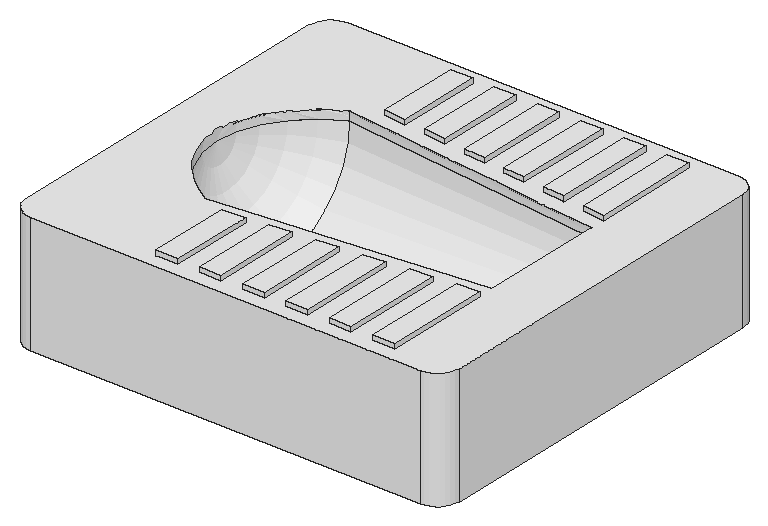
Revit family
Reference planes (in)
  plane 1 "Center (Front/Back)": y = 0
  plane 2: z = 0
  plane 3 "Center (Left/Right)": x = 0
Forms (in)
  Extrusion 1, solid, material "Default"
    sketch origin (0, 0, 0) x (1, 0, 0) y (0, 1, 0)
      loop
        line (16.74572, 10.82677) -> (-4.51412, 10.82677)
        arc (-4.51412, 10.82677) -> (-5.34929, 10.48083) -> (-5.69523, 9.64567) r 1.1811
        line (-5.69523, 9.64567) -> (-5.69523, -9.64567)
        arc (-5.69523, -9.64567) -> (-5.34929, -10.48083) -> (-4.51412, -10.82677) r 1.1811
        line (-4.51412, -10.82677) -> (16.74572, -10.82677)
        arc (16.74572, -10.82677) -> (17.58088, -10.48083) -> (17.92682, -9.64567) r 1.1811
        line (17.92682, -9.64567) -> (17.92682, 9.64567)
        arc (17.92682, 9.64567) -> (17.58088, 10.48083) -> (16.74572, 10.82677) r 1.1811
    from -6 to 0.5
  Extrusion 2, solid, material "Default"
    sketch origin (0, 0, 0) x (1, 0, 0) y (0, 1, 0)
      loop
        line (1.70758, 5.56294) -> (2.88868, 5.44105) -> (2.88868, 10.03937) -> (1.70758, 10.03937) -> (1.70758, 5.56294)
    from 0.75 to 0.5
  Extrusion 3, solid, material "Default"
    sketch origin (2.3622, 0, 0) x (1, 0, 0) y (0, 1, 0)
      loop
        line (1.70758, 5.31915) -> (2.88868, 5.19725) -> (2.88868, 10.03937) -> (1.70758, 10.03937) -> (1.70758, 5.31915)
    from 0.75 to 0.5
  Extrusion 4, solid, material "Default"
    sketch origin (4.72441, 0, 0) x (1, 0, 0) y (0, 1, 0)
      loop
        line (1.70758, 5.07536) -> (2.88868, 4.95346) -> (2.88868, 10.03937) -> (1.70758, 10.03937) -> (1.70758, 5.07536)
    from 0.75 to 0.5
  Extrusion 5, solid, material "Default"
    sketch origin (7.08661, 0, 0) x (1, 0, 0) y (0, 1, 0)
      loop
        line (1.70758, 4.83156) -> (2.88868, 4.70967) -> (2.88868, 10.03937) -> (1.70758, 10.03937) -> (1.70758, 4.83156)
    from 0.75 to 0.5
  Extrusion 6, solid, material "Default"
    sketch origin (9.44882, 0, 0) x (1, 0, 0) y (0, 1, 0)
      loop
        line (1.70758, 4.58777) -> (2.88868, 4.46587) -> (2.88868, 10.03937) -> (1.70758, 10.03937) -> (1.70758, 4.58777)
    from 0.75 to 0.5
  Extrusion 7, solid, material "Default"
    sketch origin (11.81102, 0, 0) x (1, 0, 0) y (0, 1, 0)
      loop
        line (1.70758, 4.34398) -> (2.88868, 4.22208) -> (2.88868, 10.03937) -> (1.70758, 10.03937) -> (1.70758, 4.34398)
    from 0.75 to 0.5
  Extrusion 8, solid, material "Default"
    sketch origin (0, 0, 0) x (1, 0, 0) y (0, 1, 0)
      loop
        line (1.70758, -5.56294) -> (1.70758, -10.03937) -> (2.88868, -10.03937) -> (2.88868, -5.44105) -> (1.70758, -5.56294)
    from 0.75 to 0.5
  Extrusion 9, solid, material "Default"
    sketch origin (2.3622, 0, 0) x (1, 0, 0) y (0, 1, 0)
      loop
        line (1.70758, -5.31915) -> (1.70758, -10.03937) -> (2.88868, -10.03937) -> (2.88868, -5.19725) -> (1.70758, -5.31915)
    from 0.75 to 0.5
  Extrusion 10, solid, material "Default"
    sketch origin (4.72441, 0, 0) x (1, 0, 0) y (0, 1, 0)
      loop
        line (1.70758, -5.07536) -> (1.70758, -10.03937) -> (2.88868, -10.03937) -> (2.88868, -4.95346) -> (1.70758, -5.07536)
    from 0.75 to 0.5
  Extrusion 11, solid, material "Default"
    sketch origin (7.08661, 0, 0) x (1, 0, 0) y (0, 1, 0)
      loop
        line (1.70758, -4.83156) -> (1.70758, -10.03937) -> (2.88868, -10.03937) -> (2.88868, -4.70967) -> (1.70758, -4.83156)
    from 0.75 to 0.5
  Extrusion 12, solid, material "Default"
    sketch origin (9.44882, 0, 0) x (1, 0, 0) y (0, 1, 0)
      loop
        line (1.70758, -4.58777) -> (1.70758, -10.03937) -> (2.88868, -10.03937) -> (2.88868, -4.46587) -> (1.70758, -4.58777)
    from 0.75 to 0.5
  Extrusion 13, solid, material "Default"
    sketch origin (11.81102, 0, 0) x (1, 0, 0) y (0, 1, 0)
      loop
        line (1.70758, -4.34398) -> (1.70758, -10.03937) -> (2.88868, -10.03937) -> (2.88868, -4.22208) -> (1.70758, -4.34398)
    from 0.75 to 0.5
  Revolve 14, void
    sketch origin (0, 0, 0) x (1, 0, 0) y (0, 1, 0)
      loop
        line (14.69971, 0) -> (14.69971, 3.4305) -> (0.25513, 4.92126)
        spline (0.25513, 4.92126) -> (-0.23497, 4.637) -> (-0.69432, 4.32152) -> (-1.11982, 3.97692) -> (-1.50861, 3.60554) -> (-1.85807, 3.20988) -> (-2.16584, 2.79259) -> (-2.42986, 2.3565) -> (-2.64834, 1.90453) -> (-2.81982, 1.43974) -> (-2.94314, 0.96525) -> (-3.01746, 0.48425) -> (-3.04229, 0)
        line (-3.04229, 0) -> (14.69971, 0)
      axis (14.69971, 0) -> (-3.04229, 0)
    angle from 0 to 360
  Extrusion 15, solid, material "Default"
    sketch origin (0, 0, 0) x (1, 0, 0) y (0, 1, 0)
      loop
        circle (0, 0) r 1.9685
    from -4.50849 to -6
  Extrusion 16, void
    sketch origin (0, 0, 0) x (1, 0, 0) y (0, 1, 0)
      loop
        circle (0, 0) r 1.7185
    from -4.50849 to -6
Cuts and joins
  Revolve 14, Extrusion 16 cuts Extrusion 1
  Extrusion 16 cuts Extrusion 15
Lines and regions (in)
  Opening 1
    outline origin (60, 60, 0) x (0, 1, 0) y (-1, 0, 0)
      loop
        spline (-54.85286, 59.74487) -> (-55.42812, 60.66349) -> (-56.13176, 61.48775) -> (-56.95911, 62.18608) -> (-57.89862, 62.72452) -> (-58.92706, 63.06631) -> (-59.99312, 63.18472) -> (-61.06834, 63.06718) -> (-62.10066, 62.72483) -> (-63.04036, 62.18661) -> (-63.86785, 61.48806) -> (-64.57147, 60.66376) -> (-65.14714, 59.74487)
        line (-65.14714, 59.74487) -> (-63.61922, 45.05029) -> (-56.38078, 45.05029) -> (-54.85286, 59.74487)
Dimensions and locks (in)
  equal spacing: host sketch curve, plane 1 "Center (Front/Back)", host sketch curve
  equal spacing: host sketch curve, plane 3 "Center (Left/Right)", host sketch curve
  host sketch curve to host sketch curve = 10' - 0"  (x2)
